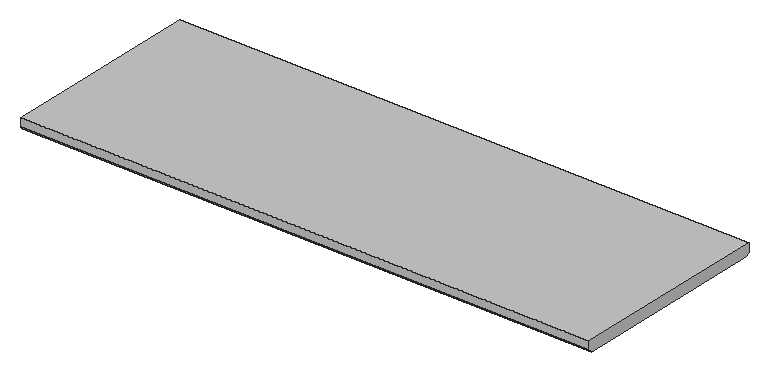
Revit family "QF_ELECTROLUXPROFESSIONAL_121128_TPLA20", category Attrezzature speciali, Revit 2020
Family settings
  Quota connettore circolare = Usa diametro
  Tipo di parte = Normale
  Basato su piano di lavoro = No
  Sempre verticale = Sì
  Taglio con vuoti quando caricato = No
  Condiviso = No
  Punto di calcolo locali = No
Parameters (values of type "Standard")
  Weight = 64.00 kg
  Watts = 0 W
  Volts = 0 V
  URL Manufacturer = "https://www.electroluxprofessional.com/"
  URL = "https://www.electroluxprofessional.com/"
  Steam Supply Size = 0 mm
  Steam Supply Minimum Pressure = 0.0 Pa
  Steam Supply Maximum Pressure = 0.0 Pa
  Steam Consumption per Hour = 0
  Refrigeration Suction Line Size = 0.0 mm
  Refrigeration Liquid Line Size = 0.0 mm
  Refrigerant Compressor Remote = yes
  Prospetto di default = 0.0 mm
  Phase = 0
  Modello = "TPLA20"
  Produttore = "Electrolux Professional"
  Length Actual = 2000.0 mm  # constant formula
  Item Number = "121128"
  Hot Water Size = 0 mm
  Height Actual = 40.0 mm  # constant formula
  HP = "0 HP"
  Gas Size = 0 mm
  Gas KW = 0
  Gas Input Pressure = 0 W
  Direct Waste Size = 0 mm
  Descrizione = "WORK TOP 2000MM"
  Depth Actual = 700.0 mm  # constant formula
  Cycle = 0 Hz
  Condensate Return Size = 0 mm
  Compressed Air Volume = 0.0 L/s
  Compressed Air Size = 0 mm
  Compressed Air Pressure = 0.0 Pa
  Cold Water Size = 0 mm
  Accessory = yes
Reference planes
  plane 1 "Center (Front/Back)": y = 0
  plane 2: z = 0
  plane 3 "Center (Left/Right)": x = -500
  plane 4 "LEFT": x = -1500
  plane 5 "RIGHT": x = 500
  plane 6 "BACK": y = 350
  plane 7 "FRONT": y = -350
  plane 8 "TOP": z = 860
  plane 9 "BaseTop": z = 900
Forms (mm)
  Extrusion 1, solid, material "QF_Finishes_Stainless Steel"
    sketch origin (-500, 0, 0) x (0, 1, 0) y (0, 0, 1)
      loop
        line (-350, 900) -> (-350, 870) -> (-340, 860) -> (340, 860) -> (350, 870) -> (350, 900) -> (-350, 900)
    from 1000 to -1000
Lines and regions (mm)
  symbolic lines
    curve 1: line (500, 350, 860) -> (-1500, 350, 860)
    curve 2: line (-1500, 350, 860) -> (-1500, -350, 860)
    curve 3: line (-1500, -350, 860) -> (500, -350, 860)
    curve 4: line (500, -350, 860) -> (500, 350, 860)
Dimensions and locks
  plane 4 "LEFT" to plane 5 "RIGHT" = 2000.0 mm
  equal spacing: plane 4 "LEFT", plane 3 "Center (Left/Right)", plane 5 "RIGHT"
  plane 6 "BACK" to plane 7 "FRONT" = 700.0 mm
  equal spacing: plane 6 "BACK", plane 1 "Center (Front/Back)", plane 7 "FRONT"
  locked: plane 9 "BaseTop" to plane 8 "TOP" at 40
  plane 8 "TOP" to level = 860.0 mm
  aligned and locked: level to plane 2
  aligned and locked: Extrusion 1 to plane 4 "LEFT"
  aligned and locked: plane 5 "RIGHT" to Extrusion 1
  aligned and locked: curve 2 to plane 4 "LEFT"
  aligned and locked: plane 9 "BaseTop" to Extrusion 1 sketch curve
Automatic sketch dimensions
  curve 3 to plane 7 "FRONT" = 0.0 mm
  curve 4 to plane 6 "BACK" = 0.0 mm
  curve 4 to plane 5 "RIGHT" = 0.0 mm
  Extrusion 1 sketch curve to plane 7 "FRONT" = 0.0 mm
  level to Extrusion 1 sketch curve = 860.0 mm
  Extrusion 1 sketch curve to plane 6 "BACK" = 0.0 mm
  plane 7 "FRONT" to Extrusion 1 sketch curve = 10.0 mm
  level to Extrusion 1 sketch curve = 870.0 mm  (x2)
  Extrusion 1 sketch curve to plane 6 "BACK" = 10.0 mm
